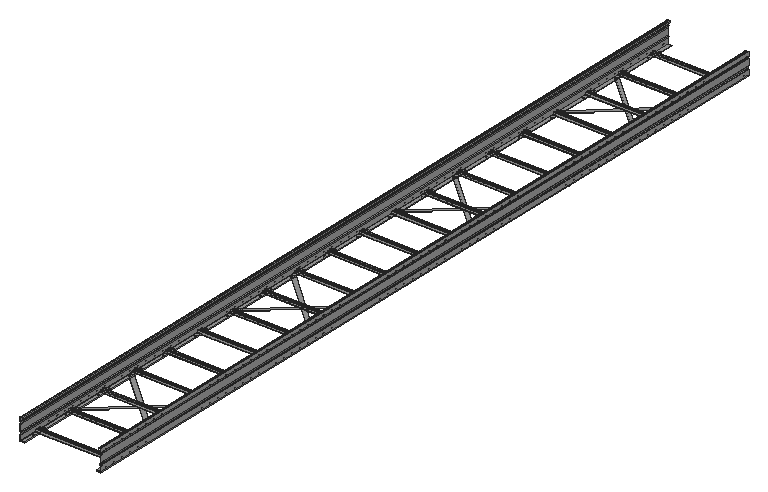
Revit family "WKLG 1660 03.09", category Generic Models, Revit 2017 (continued)
Dimensions and locks
  locked: Extrusion 215 sketch curve to Extrusion 215 sketch curve at 9
  locked: Extrusion 216 sketch curve to Extrusion 216 sketch curve at 25
  locked: Extrusion 216 sketch curve to Extrusion 216 sketch curve at 9
  locked: Extrusion 217 sketch curve to Extrusion 217 sketch curve at 25
  locked: Extrusion 217 sketch curve to Extrusion 217 sketch curve at 9
  locked: Extrusion 218 sketch curve to Extrusion 218 sketch curve at 25
  locked: Extrusion 218 sketch curve to Extrusion 218 sketch curve at 9
  locked: Extrusion 219 sketch curve to Extrusion 219 sketch curve at 25
  locked: Extrusion 219 sketch curve to Extrusion 219 sketch curve at 9
  locked: Extrusion 220 sketch curve to Extrusion 220 sketch curve at 25
  locked: Extrusion 220 sketch curve to Extrusion 220 sketch curve at 9
  locked: Extrusion 221 sketch curve to Extrusion 221 sketch curve at 25
  locked: Extrusion 221 sketch curve to Extrusion 221 sketch curve at 9
  locked: Extrusion 222 sketch curve to Extrusion 222 sketch curve at 25
  locked: Extrusion 222 sketch curve to Extrusion 222 sketch curve at 9
  locked: Extrusion 223 sketch curve to Extrusion 223 sketch curve at 25
  locked: Extrusion 223 sketch curve to Extrusion 223 sketch curve at 9
  locked: Extrusion 224 sketch curve to Extrusion 224 sketch curve at 25
  locked: Extrusion 224 sketch curve to Extrusion 224 sketch curve at 9
  locked: Extrusion 225 sketch curve to Extrusion 225 sketch curve at 25
  locked: Extrusion 225 sketch curve to Extrusion 225 sketch curve at 9
  locked: Extrusion 226 sketch curve to Extrusion 226 sketch curve at 25
  locked: Extrusion 226 sketch curve to Extrusion 226 sketch curve at 9
  locked: Extrusion 227 sketch curve to Extrusion 227 sketch curve at 25
  locked: Extrusion 227 sketch curve to Extrusion 227 sketch curve at 9
  locked: Extrusion 228 sketch curve to Extrusion 228 sketch curve at 25
  locked: Extrusion 228 sketch curve to Extrusion 228 sketch curve at 9
  locked: Extrusion 229 sketch curve to Extrusion 229 sketch curve at 25
  locked: Extrusion 229 sketch curve to Extrusion 229 sketch curve at 9
  locked: Extrusion 230 sketch curve to Extrusion 230 sketch curve at 25
  locked: Extrusion 230 sketch curve to Extrusion 230 sketch curve at 9
  locked: Extrusion 231 sketch curve to Extrusion 231 sketch curve at 25
  locked: Extrusion 231 sketch curve to Extrusion 231 sketch curve at 9
  locked: Extrusion 232 sketch curve to Extrusion 232 sketch curve at 25
  locked: Extrusion 232 sketch curve to Extrusion 232 sketch curve at 9
  locked: Extrusion 233 sketch curve to Extrusion 233 sketch curve at 25
  locked: Extrusion 233 sketch curve to Extrusion 233 sketch curve at 9
  locked: Extrusion 234 sketch curve to Extrusion 234 sketch curve at 25
  locked: Extrusion 234 sketch curve to Extrusion 234 sketch curve at 9
  locked: Extrusion 235 sketch curve to Extrusion 235 sketch curve at 25
  locked: Extrusion 235 sketch curve to Extrusion 235 sketch curve at 9
  locked: Extrusion 236 sketch curve to Extrusion 236 sketch curve at 25
  locked: Extrusion 236 sketch curve to Extrusion 236 sketch curve at 9
  locked: Extrusion 237 sketch curve to Extrusion 237 sketch curve at 25
  locked: Extrusion 237 sketch curve to Extrusion 237 sketch curve at 9
  locked: Extrusion 238 sketch curve to Extrusion 238 sketch curve at 25
  locked: Extrusion 238 sketch curve to Extrusion 238 sketch curve at 9
  locked: Extrusion 239 sketch curve to Extrusion 239 sketch curve at 25
  locked: Extrusion 239 sketch curve to Extrusion 239 sketch curve at 9
  locked: Extrusion 240 sketch curve to Extrusion 240 sketch curve at 25
  locked: Extrusion 240 sketch curve to Extrusion 240 sketch curve at 9
  locked: Extrusion 241 sketch curve to Extrusion 241 sketch curve at 25
  locked: Extrusion 241 sketch curve to Extrusion 241 sketch curve at 9
  locked: cut or joined group 1 (Extrusion 1, Extrusion 2, Extrusion 3, Extrusion 4, Extrusion 5, Extrusion 6, Extrusion 7, Extrusion 8, Extrusion 9, Extrusion 10, Extrusion 11, Extrusion 12, Extrusion 13, Extrusion 14, Extrusion 15, Extrusion 16, Extrusion 17, Extrusion 18, Extrusion 19, Extrusion 20, Extrusion 21, Extrusion 22, Extrusion 23, Extrusion 24, Extrusion 25, Extrusion 26, Extrusion 27, Extrusion 28, Extrusion 29, Extrusion 30, Extrusion 31, Extrusion 32, Extrusion 33, Extrusion 34, Extrusion 35, Extrusion 36, Extrusion 37, Extrusion 38, Extrusion 39, Extrusion 40, Extrusion 41, Extrusion 42, Extrusion 43, Extrusion 44, Extrusion 45, Extrusion 46, Extrusion 47, Extrusion 48, Extrusion 49, Extrusion 50, Extrusion 51, Extrusion 52, Extrusion 53, Extrusion 54, Extrusion 55, Extrusion 56, Extrusion 57, Extrusion 58, Extrusion 59, Extrusion 60, Extrusion 61, Extrusion 62, Extrusion 63, Extrusion 64, Extrusion 65, Extrusion 66, Extrusion 67, Extrusion 68, Extrusion 69, Extrusion 70, Extrusion 71, Extrusion 72, Extrusion 73, Extrusion 74, Extrusion 75, Extrusion 76, Extrusion 77, Extrusion 78, Extrusion 79, Extrusion 80, Extrusion 81, Extrusion 82, Extrusion 83, Extrusion 84, Extrusion 85, Extrusion 86, Extrusion 87, Extrusion 88, Extrusion 89, Extrusion 90, Extrusion 91, Extrusion 92, Extrusion 93, Extrusion 94, Extrusion 95, Extrusion 96, Extrusion 97, Extrusion 98, Extrusion 99, Extrusion 100, Extrusion 101, Extrusion 102, Extrusion 103, Extrusion 104, Extrusion 105, Extrusion 106, Extrusion 107, Extrusion 108, Extrusion 109, Extrusion 110, Extrusion 111, Extrusion 112, Extrusion 113, Extrusion 114, Extrusion 115, Extrusion 116, Extrusion 117, Extrusion 118, Extrusion 119, Extrusion 120, Extrusion 121, Extrusion 122, Extrusion 123, Extrusion 124, Extrusion 125, Extrusion 126, Extrusion 127, Extrusion 128, Extrusion 129, Extrusion 130, Extrusion 131, Extrusion 132, Extrusion 133, Extrusion 134, Extrusion 135, Extrusion 136, Extrusion 137, Extrusion 138, Extrusion 139, Extrusion 140, Extrusion 141, Extrusion 142, Extrusion 143, Extrusion 144, Extrusion 145, Extrusion 146, Extrusion 147, Extrusion 148, Extrusion 149, Extrusion 150, Extrusion 151, Extrusion 152, Extrusion 153, Extrusion 154, Extrusion 155, Extrusion 156, Extrusion 157, Extrusion 158, Extrusion 159, Extrusion 160, Extrusion 161, Extrusion 162, Extrusion 163, Extrusion 164, Extrusion 165, Extrusion 166, Extrusion 167, Extrusion 168, Extrusion 169, Extrusion 170, Extrusion 171, Extrusion 172, Extrusion 173, Extrusion 174, Extrusion 175, Extrusion 176, Extrusion 177, Extrusion 178, Extrusion 179, Extrusion 180, Extrusion 181, Extrusion 182, Extrusion 183, Extrusion 184, Extrusion 185, Extrusion 186, Extrusion 187, Extrusion 188, Extrusion 189, Extrusion 190, Extrusion 191, Extrusion 192, Extrusion 193, Extrusion 194, Extrusion 195, Extrusion 196, Extrusion 197, Extrusion 198, Extrusion 199, Extrusion 200, Extrusion 201, Extrusion 202, Extrusion 203, Extrusion 204, Extrusion 205, Extrusion 206, Extrusion 207, Extrusion 208, Extrusion 209, Extrusion 210, Extrusion 211, Extrusion 212, Extrusion 213, Extrusion 214, Extrusion 215, Extrusion 216, Extrusion 217, Extrusion 218, Extrusion 219, Extrusion 220, Extrusion 221, Extrusion 222, Extrusion 223, Extrusion 224, Extrusion 225, Extrusion 226, Extrusion 227, Extrusion 228, Extrusion 229, Extrusion 230, Extrusion 231, Extrusion 232, Extrusion 233, Extrusion 234, Extrusion 235, Extrusion 236, Extrusion 237, Extrusion 238, Extrusion 239, Extrusion 240, Extrusion 241, Extrusion 242, Extrusion 243, Extrusion 244, Extrusion 245, Extrusion 246, Extrusion 247, Extrusion 248, Extrusion 249, Extrusion 250, Extrusion 251, Extrusion 252, Extrusion 253, Extrusion 254, Extrusion 255, Extrusion 256, Extrusion 257, Extrusion 258, Extrusion 259, Extrusion 260, Extrusion 261, Extrusion 262, Extrusion 263, Extrusion 264, Extrusion 265, Extrusion 266, Extrusion 267, Extrusion 268, Extrusion 269, Extrusion 270, Extrusion 271, Extrusion 272, Extrusion 273, Extrusion 274, Extrusion 275, Extrusion 276, Extrusion 277, Extrusion 278, Extrusion 279, Extrusion 280, Extrusion 281, Extrusion 282, Extrusion 283, Extrusion 284, Extrusion 285, Extrusion 286, Extrusion 287, Extrusion 288, Extrusion 289, Extrusion 290, Extrusion 291, Extrusion 292, Extrusion 293, Extrusion 294, Extrusion 295, Extrusion 296, Extrusion 297, Extrusion 298, Extrusion 299, Extrusion 300, Extrusion 301, Extrusion 302, Extrusion 303, Extrusion 304, Extrusion 305, Extrusion 306, Extrusion 307, Extrusion 308, Extrusion 309, Extrusion 310, Extrusion 311, Extrusion 312, Extrusion 313, Extrusion 314, Extrusion 315, Extrusion 316, Extrusion 317, Extrusion 318, Extrusion 319, Extrusion 320, Extrusion 321, Extrusion 323, Extrusion 324, Extrusion 325, Extrusion 326, Extrusion 327, Extrusion 328, Extrusion 329, Extrusion 330, Extrusion 331, Extrusion 332, Extrusion 333, Extrusion 334, Extrusion 335, Extrusion 336, Extrusion 337, Extrusion 338, Extrusion 339, Extrusion 340, Extrusion 341, Extrusion 342, Extrusion 343, Extrusion 344, Extrusion 345, Extrusion 346, Extrusion 347, Extrusion 348, Extrusion 349, Extrusion 350, Extrusion 351, Extrusion 352, Extrusion 353, Extrusion 354, Extrusion 355, Extrusion 356, Extrusion 357, Extrusion 358, Extrusion 359, Extrusion 360, Extrusion 361, Extrusion 362, Extrusion 363, Extrusion 364, Extrusion 365, Extrusion 366, Extrusion 367, Extrusion 368, Extrusion 369, Extrusion 370, Extrusion 371, Extrusion 372, Extrusion 373, Extrusion 374, Extrusion 375, Extrusion 376, Extrusion 377, Extrusion 378, Extrusion 379, Extrusion 380, Extrusion 381, Extrusion 382, Extrusion 383, Extrusion 384, Extrusion 385, Extrusion 386, Extrusion 387, Extrusion 388, Extrusion 389, Extrusion 390, Extrusion 391, Extrusion 392, Extrusion 393, Extrusion 394, Extrusion 395, Extrusion 396, Extrusion 397, Extrusion 398, Extrusion 399, Extrusion 400, Extrusion 401, Extrusion 402, Extrusion 403, Extrusion 405, Extrusion 407, Extrusion 409, Extrusion 411, Extrusion 413, Extrusion 415, Extrusion 417, Extrusion 419, Extrusion 421, Extrusion 423, Extrusion 425, Extrusion 427, Extrusion 429, Extrusion 431, Extrusion 433, Extrusion 435, Extrusion 437, Extrusion 439, Extrusion 441, Extrusion 443) to plane 18 at 150
  locked: plane 18 to plane 19 at 300
  locked: Extrusion 242 sketch curve to Extrusion 242 sketch curve at 8.901
  locked: Extrusion 242 sketch curve to Extrusion 242 sketch curve at 25
  locked: Extrusion 243 sketch curve to Extrusion 243 sketch curve at 8.901
  locked: Extrusion 243 sketch curve to Extrusion 243 sketch curve at 25
  equal spacing: group 241, group 242, group 243, group 244, group 245, group 246, group 247, group 248, group 249, group 250, group 251, group 252, group 253, group 254, group 255, group 256, group 257, group 258, group 259, group 260, group 261, group 262, group 263, group 264, group 265, group 266, group 267, group 268, group 269, group 270, group 271, group 272, group 273, group 274, group 275, group 276, group 277, group 278, group 279, group 280, group 281, group 282, group 283, group 284, group 285, group 286, group 287, group 288, group 289, group 290, group 291, group 292, group 293, group 294, group 295, group 296, group 297, group 298, group 299, group 300, group 301, group 302, group 303, group 304, group 305, group 306, group 307, group 308, group 309, group 310, group 311, group 312, group 313, group 314, group 315, group 316, group 317, group 318, group 319, group 320  (x3)
  locked: Extrusion 244 sketch curve to Extrusion 244 sketch curve at 8.901
  locked: Extrusion 244 sketch curve to Extrusion 244 sketch curve at 25
  locked: Extrusion 245 sketch curve to Extrusion 245 sketch curve at 8.901
  locked: Extrusion 245 sketch curve to Extrusion 245 sketch curve at 25
  locked: Extrusion 246 sketch curve to Extrusion 246 sketch curve at 8.901
  locked: Extrusion 246 sketch curve to Extrusion 246 sketch curve at 25
  locked: Extrusion 247 sketch curve to Extrusion 247 sketch curve at 8.901
  locked: Extrusion 247 sketch curve to Extrusion 247 sketch curve at 25
  locked: Extrusion 248 sketch curve to Extrusion 248 sketch curve at 8.901
  locked: Extrusion 248 sketch curve to Extrusion 248 sketch curve at 25
  locked: Extrusion 249 sketch curve to Extrusion 249 sketch curve at 8.901
  locked: Extrusion 249 sketch curve to Extrusion 249 sketch curve at 25
  locked: Extrusion 250 sketch curve to Extrusion 250 sketch curve at 8.901
  locked: Extrusion 250 sketch curve to Extrusion 250 sketch curve at 25
  locked: Extrusion 251 sketch curve to Extrusion 251 sketch curve at 8.901
  locked: Extrusion 251 sketch curve to Extrusion 251 sketch curve at 25
  locked: Extrusion 252 sketch curve to Extrusion 252 sketch curve at 8.901
  locked: Extrusion 252 sketch curve to Extrusion 252 sketch curve at 25
  locked: Extrusion 253 sketch curve to Extrusion 253 sketch curve at 8.901
  locked: Extrusion 253 sketch curve to Extrusion 253 sketch curve at 25
  locked: Extrusion 254 sketch curve to Extrusion 254 sketch curve at 8.901
  locked: Extrusion 254 sketch curve to Extrusion 254 sketch curve at 25
  locked: Extrusion 255 sketch curve to Extrusion 255 sketch curve at 8.901
  locked: Extrusion 255 sketch curve to Extrusion 255 sketch curve at 25
  locked: Extrusion 256 sketch curve to Extrusion 256 sketch curve at 8.901
  locked: Extrusion 256 sketch curve to Extrusion 256 sketch curve at 25
  locked: Extrusion 257 sketch curve to Extrusion 257 sketch curve at 8.901
  locked: Extrusion 257 sketch curve to Extrusion 257 sketch curve at 25
  locked: Extrusion 258 sketch curve to Extrusion 258 sketch curve at 8.901
  locked: Extrusion 258 sketch curve to Extrusion 258 sketch curve at 25
  locked: Extrusion 259 sketch curve to Extrusion 259 sketch curve at 8.901
  locked: Extrusion 259 sketch curve to Extrusion 259 sketch curve at 25
  locked: Extrusion 260 sketch curve to Extrusion 260 sketch curve at 8.901
  locked: Extrusion 260 sketch curve to Extrusion 260 sketch curve at 25
  locked: Extrusion 261 sketch curve to Extrusion 261 sketch curve at 8.901
  locked: Extrusion 261 sketch curve to Extrusion 261 sketch curve at 25
  locked: Extrusion 262 sketch curve to Extrusion 262 sketch curve at 8.901
  locked: Extrusion 262 sketch curve to Extrusion 262 sketch curve at 25
  locked: Extrusion 263 sketch curve to Extrusion 263 sketch curve at 8.901
  locked: Extrusion 263 sketch curve to Extrusion 263 sketch curve at 25
  locked: Extrusion 264 sketch curve to Extrusion 264 sketch curve at 8.901
  locked: Extrusion 264 sketch curve to Extrusion 264 sketch curve at 25
  locked: Extrusion 265 sketch curve to Extrusion 265 sketch curve at 8.901
  locked: Extrusion 265 sketch curve to Extrusion 265 sketch curve at 25
  locked: Extrusion 266 sketch curve to Extrusion 266 sketch curve at 8.901
  locked: Extrusion 266 sketch curve to Extrusion 266 sketch curve at 25
  locked: Extrusion 267 sketch curve to Extrusion 267 sketch curve at 8.901
  locked: Extrusion 267 sketch curve to Extrusion 267 sketch curve at 25
  locked: Extrusion 268 sketch curve to Extrusion 268 sketch curve at 8.901
  locked: Extrusion 268 sketch curve to Extrusion 268 sketch curve at 25
  locked: Extrusion 269 sketch curve to Extrusion 269 sketch curve at 8.901
  locked: Extrusion 269 sketch curve to Extrusion 269 sketch curve at 25
  locked: Extrusion 270 sketch curve to Extrusion 270 sketch curve at 8.901
  locked: Extrusion 270 sketch curve to Extrusion 270 sketch curve at 25
  locked: Extrusion 271 sketch curve to Extrusion 271 sketch curve at 8.901
  locked: Extrusion 271 sketch curve to Extrusion 271 sketch curve at 25
  locked: Extrusion 272 sketch curve to Extrusion 272 sketch curve at 8.901
  locked: Extrusion 272 sketch curve to Extrusion 272 sketch curve at 25
  locked: Extrusion 273 sketch curve to Extrusion 273 sketch curve at 8.901
  locked: Extrusion 273 sketch curve to Extrusion 273 sketch curve at 25
  locked: Extrusion 274 sketch curve to Extrusion 274 sketch curve at 8.901
  locked: Extrusion 274 sketch curve to Extrusion 274 sketch curve at 25
  locked: Extrusion 275 sketch curve to Extrusion 275 sketch curve at 8.901
  locked: Extrusion 275 sketch curve to Extrusion 275 sketch curve at 25
  locked: Extrusion 276 sketch curve to Extrusion 276 sketch curve at 8.901
  locked: Extrusion 276 sketch curve to Extrusion 276 sketch curve at 25
  locked: Extrusion 277 sketch curve to Extrusion 277 sketch curve at 8.901
  locked: Extrusion 277 sketch curve to Extrusion 277 sketch curve at 25
  locked: Extrusion 278 sketch curve to Extrusion 278 sketch curve at 8.901
  locked: Extrusion 278 sketch curve to Extrusion 278 sketch curve at 25
  locked: Extrusion 279 sketch curve to Extrusion 279 sketch curve at 8.901
  locked: Extrusion 279 sketch curve to Extrusion 279 sketch curve at 25
  locked: Extrusion 280 sketch curve to Extrusion 280 sketch curve at 8.901
  locked: Extrusion 280 sketch curve to Extrusion 280 sketch curve at 25
  locked: Extrusion 281 sketch curve to Extrusion 281 sketch curve at 8.901
  locked: Extrusion 281 sketch curve to Extrusion 281 sketch curve at 25
  locked: Extrusion 282 sketch curve to Extrusion 282 sketch curve at 8.901
  locked: Extrusion 282 sketch curve to Extrusion 282 sketch curve at 25
  locked: Extrusion 283 sketch curve to Extrusion 283 sketch curve at 8.901
  locked: Extrusion 283 sketch curve to Extrusion 283 sketch curve at 25
  locked: Extrusion 284 sketch curve to Extrusion 284 sketch curve at 8.901
  locked: Extrusion 284 sketch curve to Extrusion 284 sketch curve at 25
  locked: Extrusion 285 sketch curve to Extrusion 285 sketch curve at 8.901
  locked: Extrusion 285 sketch curve to Extrusion 285 sketch curve at 25
  locked: Extrusion 286 sketch curve to Extrusion 286 sketch curve at 8.901
  locked: Extrusion 286 sketch curve to Extrusion 286 sketch curve at 25
  locked: Extrusion 287 sketch curve to Extrusion 287 sketch curve at 8.901
  locked: Extrusion 287 sketch curve to Extrusion 287 sketch curve at 25
  locked: Extrusion 288 sketch curve to Extrusion 288 sketch curve at 8.901
  locked: Extrusion 288 sketch curve to Extrusion 288 sketch curve at 25
  locked: Extrusion 289 sketch curve to Extrusion 289 sketch curve at 8.901
  locked: Extrusion 289 sketch curve to Extrusion 289 sketch curve at 25
  locked: Extrusion 290 sketch curve to Extrusion 290 sketch curve at 8.901
  locked: Extrusion 290 sketch curve to Extrusion 290 sketch curve at 25
  locked: Extrusion 291 sketch curve to Extrusion 291 sketch curve at 8.901
  locked: Extrusion 291 sketch curve to Extrusion 291 sketch curve at 25
  locked: Extrusion 292 sketch curve to Extrusion 292 sketch curve at 8.901
  locked: Extrusion 292 sketch curve to Extrusion 292 sketch curve at 25
  locked: Extrusion 293 sketch curve to Extrusion 293 sketch curve at 8.901
  locked: Extrusion 293 sketch curve to Extrusion 293 sketch curve at 25
  locked: Extrusion 294 sketch curve to Extrusion 294 sketch curve at 8.901
  locked: Extrusion 294 sketch curve to Extrusion 294 sketch curve at 25
  locked: Extrusion 295 sketch curve to Extrusion 295 sketch curve at 8.901
  locked: Extrusion 295 sketch curve to Extrusion 295 sketch curve at 25
  locked: Extrusion 296 sketch curve to Extrusion 296 sketch curve at 8.901
  locked: Extrusion 296 sketch curve to Extrusion 296 sketch curve at 25
  locked: Extrusion 297 sketch curve to Extrusion 297 sketch curve at 8.901
  locked: Extrusion 297 sketch curve to Extrusion 297 sketch curve at 25
  locked: Extrusion 298 sketch curve to Extrusion 298 sketch curve at 8.901
  locked: Extrusion 298 sketch curve to Extrusion 298 sketch curve at 25
  locked: Extrusion 299 sketch curve to Extrusion 299 sketch curve at 8.901
  locked: Extrusion 299 sketch curve to Extrusion 299 sketch curve at 25
  locked: Extrusion 300 sketch curve to Extrusion 300 sketch curve at 8.901
  locked: Extrusion 300 sketch curve to Extrusion 300 sketch curve at 25
  locked: Extrusion 301 sketch curve to Extrusion 301 sketch curve at 8.901
  locked: Extrusion 301 sketch curve to Extrusion 301 sketch curve at 25
  locked: Extrusion 302 sketch curve to Extrusion 302 sketch curve at 8.901
  locked: Extrusion 302 sketch curve to Extrusion 302 sketch curve at 25
  locked: Extrusion 303 sketch curve to Extrusion 303 sketch curve at 8.901
  locked: Extrusion 303 sketch curve to Extrusion 303 sketch curve at 25
  locked: Extrusion 304 sketch curve to Extrusion 304 sketch curve at 8.901
  locked: Extrusion 304 sketch curve to Extrusion 304 sketch curve at 25
  locked: Extrusion 305 sketch curve to Extrusion 305 sketch curve at 8.901
  locked: Extrusion 305 sketch curve to Extrusion 305 sketch curve at 25
  locked: Extrusion 306 sketch curve to Extrusion 306 sketch curve at 8.901
  locked: Extrusion 306 sketch curve to Extrusion 306 sketch curve at 25
  locked: Extrusion 307 sketch curve to Extrusion 307 sketch curve at 8.901
  locked: Extrusion 307 sketch curve to Extrusion 307 sketch curve at 25
  locked: Extrusion 308 sketch curve to Extrusion 308 sketch curve at 8.901
  locked: Extrusion 308 sketch curve to Extrusion 308 sketch curve at 25
  locked: Extrusion 309 sketch curve to Extrusion 309 sketch curve at 8.901
  locked: Extrusion 309 sketch curve to Extrusion 309 sketch curve at 25
  locked: Extrusion 310 sketch curve to Extrusion 310 sketch curve at 8.901
  locked: Extrusion 310 sketch curve to Extrusion 310 sketch curve at 25
  locked: Extrusion 311 sketch curve to Extrusion 311 sketch curve at 8.901
  locked: Extrusion 311 sketch curve to Extrusion 311 sketch curve at 25
  locked: Extrusion 312 sketch curve to Extrusion 312 sketch curve at 8.901
  locked: Extrusion 312 sketch curve to Extrusion 312 sketch curve at 25
  locked: Extrusion 313 sketch curve to Extrusion 313 sketch curve at 8.901
  locked: Extrusion 313 sketch curve to Extrusion 313 sketch curve at 25
  locked: Extrusion 314 sketch curve to Extrusion 314 sketch curve at 8.901
  locked: Extrusion 314 sketch curve to Extrusion 314 sketch curve at 25
  locked: Extrusion 315 sketch curve to Extrusion 315 sketch curve at 8.901
  locked: Extrusion 315 sketch curve to Extrusion 315 sketch curve at 25
  locked: Extrusion 316 sketch curve to Extrusion 316 sketch curve at 8.901
  locked: Extrusion 316 sketch curve to Extrusion 316 sketch curve at 25
  locked: Extrusion 317 sketch curve to Extrusion 317 sketch curve at 8.901
  locked: Extrusion 317 sketch curve to Extrusion 317 sketch curve at 25
  locked: Extrusion 318 sketch curve to Extrusion 318 sketch curve at 8.901
  locked: Extrusion 318 sketch curve to Extrusion 318 sketch curve at 25
  locked: Extrusion 319 sketch curve to Extrusion 319 sketch curve at 8.901
  locked: Extrusion 319 sketch curve to Extrusion 319 sketch curve at 25
  locked: Extrusion 320 sketch curve to Extrusion 320 sketch curve at 8.901
  locked: Extrusion 320 sketch curve to Extrusion 320 sketch curve at 25
  locked: Extrusion 321 sketch curve to Extrusion 321 sketch curve at 8.901
  locked: Extrusion 321 sketch curve to Extrusion 321 sketch curve at 25
  locked: Extrusion 322 sketch curve to Extrusion 322 sketch curve at 16.5
  locked: Extrusion 322 sketch curve to Extrusion 322 sketch curve at 1.5  (x3)
  locked: cut or joined group 1 to Extrusion 322 at 16.587
  locked: Extrusion 322 to cut or joined group 1 at 16.913
  locked: Extrusion 322 to Extrusion 322 at 1.5  (x2)
  locked: Extrusion 322 to cut or joined group 1 at 37.885  (x2)
  locked: Extrusion 322 to cut or joined group 1 at 1.5
  locked: plane 18 to plane 21 at 50
  locked: cut or joined group 1 to plane 22 at 18
  equal spacing: group 321, group 322, group 323, group 324, group 325, group 326, group 327, group 328, group 329, group 330, group 331, group 332, group 333, group 334, group 335, group 336, group 337, group 338, group 339, group 340  (x3)
  locked: plane 43 to plane 18 at 50
  equal spacing: group 341, group 342, group 343, group 344, group 345, group 346, group 347, group 348, group 349, group 350, group 351, group 352, group 353, group 354, group 355, group 356, group 357, group 358, group 359, group 360  (x3)
